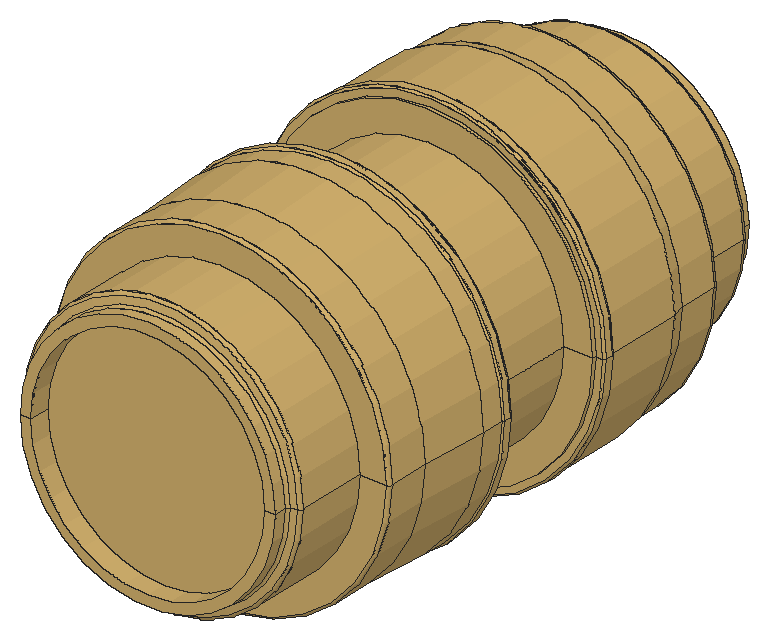
Revit family "Plumbing_Joints_Aignep_Straight-Connector-90040", category Pipe Fittings, Revit 2018
Family settings
  Round Connector Dimension = Use Diameter
  Part Type = Union
  OmniClass Number = 23.27.43.00
  Work Plane-Based = No
  Always vertical = Yes
  Cut with Voids When Loaded = No
  Shared = No
Parameters (values of type "90040")
  URL = "https://www.aignep.com/"
  Tick Size [instance] = 0.4 * Nominal Diameter  # 25.2 mm
  R2 [instance] = CH2 / 2  # 37.5 mm
  R1 [instance] = CH1 / 2  # 36.5 mm
  QR code = "https://www.bimobject.com/aignep/product/straight-connector-90040"
  Product url = "https://www.aignep.com/eng/Pipe-fittings-INFINITY/Air-Pipeline-INFINITY-Series/STRAIGHT-CONNECTOR"
  Product name = "Straight Connector - 90040"
  Product group = "Fittings"
  Product family = "INFINITY"
  Product data url = "https://www.bimobject.com/aignep/product/straight-connector-90040"
  Product certification = "https://www.aignep.com/eng/Certificazioni/FREE-OF-SILICON"
  Product SKU = "Straight-Connector-90040"
  Product Material [instance] = AIGNEP - Brass - Yellow
  Product Guid = "3b26a513-2aa4-4801-9bbe-03a64963d4c1"
  OmniClass Description = "Pipe Fittings"
  OmniClass Code = "23-27 43 00"
  Note [instance] = "For diameters 50 and 63, use Aluminium"  # constant formula
  Nominal Diameter [instance] = 63 mm
  Model = "90040"
  Material secondary = "Aluminium"
  Material main = "Brass"
  Manufacturer name = "Aignep Spa"
  Manufacturer country = "Italy"
  Manufacturer = "Aignep Spa"
  Lookup Table Name = "Adaptor - 90040"
  L/2 [instance] = L / 2  # 79.5 mm
  L [instance] = size_lookup(Lookup Table Name, "L", 0 mm, Nominal Diameter)  # 159 mm
  Keynote = "15410"
  IFC Classification = "Pipe Fitting"
  Hnut2 [instance] = CH2 / 4  # 18.75 mm
  Hnut [instance] = CH1 / 2.5  # 29.2 mm
  Edition number = 1
  E [instance] = size_lookup(Lookup Table Name, "E", 0 mm, Nominal Diameter)  # 94 mm
  Design country = "Italy"
  Description = "Straight connector"
  D [instance] = size_lookup(Lookup Table Name, "D", 0 mm, Nominal Diameter)  # 63 mm
  CH2 [instance] = size_lookup(Lookup Table Name, "CH2", 0 mm, Nominal Diameter)  # 75 mm
  CH1 [instance] = size_lookup(Lookup Table Name, "CH1", 0 mm, Nominal Diameter)  # 73 mm
  C [instance] = size_lookup(Lookup Table Name, "C", 0 mm, Nominal Diameter)  # 44 mm
  BIMobject category = "Joints"
  B [instance] = size_lookup(Lookup Table Name, "B", 0 mm, Nominal Diameter)  # 57.5 mm
  Assembly Code = "D2040100"
  Article Code [instance] = size_lookup(Lookup Table Name, "", "", Nominal Diameter)  # "90040 00 006"
Reference planes
  plane 1 "Center (Front/Back)": y = 0
  plane 2: z = 0
  plane 3 "Center (Left/Right)": x = 0
  plane 4: y = 159
  plane 5: x = -47
  plane 6: x = 47
  plane 7: x = -31.5
  plane 8: x = 31.5
  plane 9: y = 57.5
  plane 10: y = 79.5
  plane 11: y = 101.5
  plane 12: y = 94.1
  plane 13: y = 64.9
  plane 14: y = 134.794
  plane 15: y = 153.544
  plane 16: y = 5.549
  plane 17: y = 24.299
  plane 18: x = -37.5
  plane 19: x = 37.5
Forms (mm)
  Revolve 1, solid, material "AIGNEP - Brass - Yellow" <- "Product Material", detail levels fine
    sketch origin (0, 0, 0) x (1, 0, 0) y (0, 1, 0)
      loop
        arc (-34.365, 155.936) -> (-34.505, 155.375) -> (-34.891, 154.946) r 1.194
        line (-34.891, 154.946) -> (-36.803, 154.46)
        arc (-36.803, 154.46) -> (-37.278, 154.098) -> (-37.5, 153.544) r 1.124
        line (-37.5, 153.544) -> (0, 153.544) -> (0, 159) -> (-34.365, 159) -> (-34.365, 155.936)
      loop
        line (-45.512, 133.56) -> (-45.512, 122.712) -> (-46.503, 119.012) -> (-46.503, 98.207) -> (-47, 97.593) -> (-47, 95.6) -> (-46.503, 94.986) -> (-44.564, 94.986) -> (-44.564, 94.1) -> (0, 94.1) -> (0, 134.794) -> (-44.581, 134.794)
        arc (-44.581, 134.794) -> (-45.285, 134.357) -> (-45.512, 133.56) r 1.149
      loop
        arc (-45.512, 25.44) -> (-45.367, 24.768) -> (-44.865, 24.299) r 1.149
        line (-44.865, 24.299) -> (0, 24.299) -> (0, 64.9) -> (-44.564, 64.9) -> (-44.564, 64.014) -> (-46.503, 64.014) -> (-47, 63.4) -> (-47, 61.407) -> (-46.503, 60.793) -> (-46.503, 54.888) -> (-45.512, 36.288) -> (-45.512, 25.44)
      loop
        line (-34.358, 3.064) -> (-34.358, 0) -> (0, 0) -> (0, 5.549) -> (-37.5, 5.549)
        arc (-37.5, 5.549) -> (-37.299, 4.939) -> (-36.796, 4.54) r 1.124
        line (-36.796, 4.54) -> (-34.885, 4.054)
        arc (-34.885, 4.054) -> (-34.498, 3.625) -> (-34.358, 3.064) r 1.194
      axis (0, 0) -> (0, 159)
    angle from 0 to 360
  Extrusion 2, void
    sketch origin (-5.385, 64.9, 1200) x (-1, 0, 0) y (0, 0, 1)
      loop
        circle (-5.385, -1200) r 31.5
    from 36.6 to 94.1
  Extrusion 3, void
    sketch origin (-5.385, 64.9, 1200) x (-1, 0, 0) y (0, 0, 1)
      loop
        circle (-5.385, -1200) r 31.5
    from -64.9 to -7.4
  Extrusion 4, solid, material "AIGNEP - Brass - Yellow" <- "Product Material", detail levels fine
    sketch origin (-5.385, 64.9, 1200) x (1, 0, 0) y (0, 0, 1)
      loop
        circle (5.385, -1200) r 36.5
    from 0 to -29.2
  Extrusion 5, solid, material "AIGNEP - Brass - Yellow" <- "Product Material", detail levels fine
    sketch origin (-8.111, 153.544, 1200) x (1, 0, 0) y (0, 0, 1)
      loop
        circle (8.111, -1200) r 37.5
    from 0 to 18.75
  Extrusion 6, solid, material "AIGNEP - Brass - Yellow" <- "Product Material", detail levels fine
    sketch origin (-13.839, 24.299, 1200) x (1, 0, 0) y (0, 0, 1)
      loop
        circle (13.839, -1200) r 37.5
    from 0 to 18.75
Cuts and joins
  Extrusion 2, Extrusion 3 cuts Revolve 1
Lines and regions (mm)
  symbolic lines, detail levels coarse+medium
    curve 1: line (0, 101.5, 0) -> (0, 57.5, 0)
    curve 2: line (-12.6, 101.5, 0) -> (12.6, 101.5, 0)
    curve 3: line (-12.6, 57.5, 0) -> (12.6, 57.5, 0)
  model lines, detail levels coarse+medium
    curve 4: line (0, 101.5, 0) -> (0, 57.5, 0)
    curve 5: line (0, 101.5, 12.6) -> (0, 101.5, -12.6)
    curve 6: line (0, 57.5, 12.6) -> (0, 57.5, -12.6)
Dimensions and locks
  "L": plane 1 "Center (Front/Back)" to plane 4
  equal spacing: plane 5, plane 3 "Center (Left/Right)", plane 6
  "E": plane 5 to plane 6
  equal spacing: plane 7, plane 3 "Center (Left/Right)", plane 8
  "D": plane 7 to plane 8
  "C": plane 11 to plane 9
  equal spacing: plane 11, plane 10, plane 9
  "B": plane 4 to plane 11
  equal spacing: plane 13, plane 10, plane 12
  "Hnut": plane 13 to plane 12
  "Hnut2": plane 14 to plane 15
  "Hnut2": plane 16 to plane 17
  locked: plane 1 "Center (Front/Back)" to plane 16 at 5.549
  plane 4 to plane 10 to plane 1 "Center (Front/Back)" = 79.5 mm, 79.5 mm
  locked: plane 4 to plane 15 at 5.456
  plane 15 to Revolve 1 sketch curve to Revolve 1 sketch curve to Revolve 1 sketch curve = 0.916 mm locked, 0.486 mm locked, 0.99 mm locked
  plane 5 to Revolve 1 sketch curve to Revolve 1 sketch curve to Revolve 1 sketch curve to Revolve 1 sketch curve to Revolve 1 sketch curve to Revolve 1 sketch curve = 0.497 mm locked, 0 mm locked, 0 mm locked, 0.991 mm locked, 0 mm locked, 0.93 mm locked
  plane 12 to Revolve 1 sketch curve to Revolve 1 sketch curve to Revolve 1 sketch curve to Revolve 1 sketch curve = 0.886 mm, 0.614 mm locked, 1.993 mm locked, 0.614 mm locked
  Revolve 1 sketch curve to Revolve 1 sketch curve to plane 14 = 10.848 mm locked, 1.234 mm locked
  Revolve 1 sketch curve to Revolve 1 sketch curve to Revolve 1 sketch curve to Revolve 1 sketch curve to Revolve 1 sketch curve to plane 13 = 5.905 mm locked, 0.614 mm locked, 1.993 mm locked, 0.614 mm locked, 0.886 mm locked
  plane 17 to Revolve 1 sketch curve to Revolve 1 sketch curve = 1.141 mm locked, 10.848 mm locked
  plane 16 to Revolve 1 sketch curve to Revolve 1 sketch curve to Revolve 1 sketch curve = 1.01 mm locked, 0.486 mm locked, 0.99 mm locked
  equal spacing: plane 18, plane 3 "Center (Left/Right)", plane 19
  "CH2": plane 18 to plane 19
  plane 18 to Revolve 1 sketch curve to Revolve 1 sketch curve to Revolve 1 sketch curve = 0.704 mm locked, 1.912 mm locked, 0.526 mm locked
  plane 18 to Revolve 1 sketch curve to Revolve 1 sketch curve to Revolve 1 sketch curve = 0.697 mm locked, 1.912 mm locked, 0.526 mm locked
  equal spacing: curve 2, plane 3 "Center (Left/Right)", curve 2
  "Tick Size": curve 2 to curve 2
  equal spacing: curve 3, plane 3 "Center (Left/Right)", curve 3
  "Tick Size": curve 3 to curve 3
  locked: plane 5 to Revolve 1 sketch curve at 2.436  (x2)
  equal spacing: curve 5, plane 2, curve 5
  "Tick Size": curve 5 to curve 5
  curve 6 to curve 6 = 25.2 mm
  equal spacing: curve 6, plane 2, curve 6
  "Tick Size": curve 6 to curve 6
  "D": diameter of Extrusion 2 sketch curve
  "D": diameter of Extrusion 3 sketch curve
  "CH1": diameter of Extrusion 4 sketch curve
  "CH2": diameter of Extrusion 5 sketch curve
  "CH2": diameter of Extrusion 6 sketch curve
  aligned and locked: level to plane 2
  aligned and locked: Revolve 1 sketch curve to plane 4
  aligned and locked: plane 15 to Revolve 1 sketch curve
  aligned and locked: plane 14 to Revolve 1 sketch curve
  aligned and locked: plane 5 to Revolve 1 sketch curve
  aligned and locked: Revolve 1 sketch curve to plane 12
  aligned and locked: Revolve 1 sketch curve to plane 13
  aligned and locked: Revolve 1 sketch curve to plane 17
  aligned and locked: plane 1 "Center (Front/Back)" to Revolve 1 sketch curve
  aligned and locked: Revolve 1 sketch curve to plane 16
  aligned and locked: plane 18 to Revolve 1 sketch curve  (x2)
  aligned and locked: curve 1 to plane 3 "Center (Left/Right)"
  aligned and locked: curve 2 to plane 11
  aligned and locked: curve 3 to plane 9
  aligned and locked: cut or joined group of Revolve 1, Extrusion 2, Extrusion 3 to plane 11
  aligned and locked: plane 9 to cut or joined group of Revolve 1, Extrusion 2, Extrusion 3
  aligned and locked: plane 1 "Center (Front/Back)" to cut or joined group of Revolve 1, Extrusion 2, Extrusion 3
  aligned and locked: Extrusion 4 to plane 12
  aligned and locked: plane 14 to Extrusion 5
  aligned and locked: Extrusion 6 to plane 16
  aligned and locked: plane 11 to curve 4
  aligned and locked: plane 9 to curve 4
  aligned and locked: plane 11 to curve 5
  aligned and locked: plane 9 to curve 6
Automatic sketch dimensions
  Revolve 1 sketch curve to plane 5 = 0 mm
  Revolve 1 sketch curve to plane 3 "Center (Left/Right)" = 0 mm  (x5)
  Revolve 1 sketch curve to plane 4 = 0 mm
  plane 5 to Revolve 1 sketch curve = 0.497 mm  (x2)
  plane 5 to Revolve 1 sketch curve = 1.488 mm
  Revolve 1 sketch curve to Revolve 1 sketch curve = 0.646 mm
  Revolve 1 sketch curve to plane 17 = 1.035 mm
  plane 14 to Revolve 1 sketch curve = 1.129 mm
  plane 15 to Revolve 1 sketch curve = 0.126 mm
  plane 16 to Revolve 1 sketch curve = 0.033 mm
  Revolve 1 sketch curve to Revolve 1 sketch curve = 3.699 mm
  Revolve 1 sketch curve to Revolve 1 sketch curve = 5 mm
  curve 4 to level = 0 mm
  Extrusion 2 sketch curve to level = 0 mm
  Extrusion 2 sketch curve to plane 3 "Center (Left/Right)" = 0 mm
  Extrusion 3 sketch curve to level = 0 mm
  Extrusion 3 sketch curve to plane 3 "Center (Left/Right)" = 0 mm
  Extrusion 4 sketch curve to level = 0 mm
  Extrusion 4 sketch curve to plane 3 "Center (Left/Right)" = 0 mm
  Extrusion 5 sketch curve to level = 0 mm
  Extrusion 5 sketch curve to plane 3 "Center (Left/Right)" = 0 mm
  Extrusion 6 sketch curve to level = 0 mm
  Extrusion 6 sketch curve to plane 3 "Center (Left/Right)" = 0 mm
Connectors
  piping at (0, 57.5, 0), diameter 63, driven by "Nominal Diameter"
    settings: on cut or joined group of Revolve 1, Extrusion 2, Extrusion 3, index 1, connector inside diameter 24", connector length 0 mm, flow factor 0, pipe flow 0.0 L/s, pressure drop 0.0 Pa, fitting loss kfactor 0, connector angle 0.00°, fixture units 0, engagement length 0 mm, angle of deflection 0.00°, flow configuration 0, flow direction 0, fitting loss method 0, system type 28, joint type 0, gender type 0, connector reference index 2, connector utility 0, adjustable connector no, is connector primary yes, connector description ""
  piping at (0, 101.5, 0), diameter 63, driven by "Nominal Diameter"
    settings: on cut or joined group of Revolve 1, Extrusion 2, Extrusion 3, index 2, connector inside diameter 24", connector length 0 mm, flow factor 0, pipe flow 0.0 L/s, pressure drop 0.0 Pa, fitting loss kfactor 0, connector angle 0.00°, fixture units 0, engagement length 0 mm, angle of deflection 0.00°, flow configuration 0, flow direction 0, fitting loss method 0, system type 28, joint type 0, gender type 0, connector reference index 1, connector utility 0, adjustable connector no, is connector primary no, connector description ""
